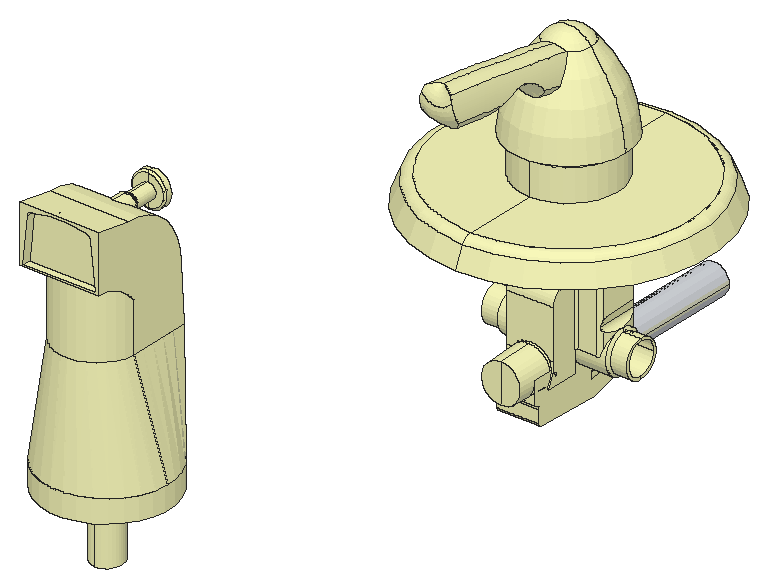
Revit family "9602-PLR", category Plumbing Fixtures, host Face, Revit 2019
Family settings
  Host = Face
  Round Connector Dimension = Use Diameter
  Part Type = Normal
  OmniClass Number = 23.65.70.11.11
  OmniClass Title = Fixtures for Liquids
  Cut with Voids When Loaded = No
  Shared = No
  Room Calculation Point = No
Parameters (values of type "2.0 GPM Flow Restrictor, Satin Nickel")
  z Wide Lever [instance] = 0
  z Visibility [instance] = yes
  z Type Model [instance] = 0
  z Type GPM = 0
  z Type Finish [instance] = 0
  z Type [instance] = 0
  z Slip On Tub [instance] = 0
  z Reverse Core [instance] = 0
  z Pipe Radius [instance] = 0.000"
  z Overall Height [instance] = 0.000"
  z Overall Depth [instance] = 0.000"
  z Offset [instance] = 0.000"
  z Integral Service Stops [instance] = 0
  z Has Wide Lever Handle [instance] = yes
  z Has Volume Control [instance] = yes
  z Has Trim = no
  z Has Slip On Tub Spout [instance] = yes
  z Has Showerhead [instance] = yes
  z Has Reverse Core [instance] = yes
  z Has Rebuild Kit Trim Only = no
  z Has Integral Service Stops [instance] = yes
  z Has Check Stops [instance] = yes
  z Has 2.0 GPM Flow Restrictor [instance] = yes
  z Has 1.5 GPM Flow Restrictor [instance] = yes
  z Has .5 Inch Female Connections = yes
  z GPM Number = 0
  z GPM GPM = 0.000 GPM
  z Flow Rate [instance] = 0
  z Error Box Width [instance] = 0.000"
  z Error Box Height [instance] = 0.000"
  z Error Box Depth [instance] = 0.000"
  z .5 Inch Female Connections [instance] = 0
  z  Showerhead [instance] = 0
  Waste Connection = no
  Vent Connection = no
  URL = ""
  Product Material = Nickel - Symmons - Satin
  Model Number = "L2"  # constant formula
  Model = ""
  Manufacturer = ""
  HW Connection = no
  Gallons Per Minute = 2.000 GPM
  Description = ""
  Default Elevation = 0.000"
  Date Modified = ""
  Date Created = ""
  CW Connection = no
Types (8): name | Product Material | Gallons Per Minute
  1.2 GPM Flow Restrictor, Chrome | Chrome - Symmons - Polished | 1.200 GPM
  1.2 GPM Flow Restrictor, Satin Nickel | Nickel - Symmons - Satin | 1.200 GPM
  1.5 GPM Flow Restrictor, Satin Nickel | Nickel - Symmons - Satin | 1.500 GPM
  1.75 GPM Flow Restrictor, Satin Nickel | Nickel - Symmons - Satin | 1.750 GPM
  2.0 GPM Flow Restrictor, Satin Nickel | Nickel - Symmons - Satin | 2.000 GPM
  1.5 GPM Flow Restrictor, Chrome | Chrome - Symmons - Polished | 1.500 GPM
  1.75 GPM Flow Restrictor, Chrome | Chrome - Symmons - Polished | 1.750 GPM
  2.0 GPM Flow Restrictor, Chrome | Chrome - Symmons - Polished | 2.000 GPM
Reference planes (in)
  plane 1 "Center (Front/Back)": y = 0
  plane 2 "Center (Elevation)": z = 0
  plane 3 "Center (Left/Right)": x = 0
  plane 4: x = -3.75
  plane 5: y = 28.5
  plane 6: x = 3.75
  plane 7: z = 0
  plane 8: z = 9.325
  plane 9: y = -12
  plane 10: y = 45
  plane 11: z = 0
Forms (in)
  Extrusion 1, void
    sketch origin (1.5, 3.69013, -2.3792) x (0, 1, 0) y (0, 0, 1)
      loop
        circle (0, 0.0065) r 0.32942
    from -0.00649 to -3.00649
Dimensions and locks (in)
  equal spacing: plane 4, plane 3 "Center (Left/Right)", plane 6
  plane 4 to plane 6 = 7.500"
  plane 5 to plane 1 "Center (Front/Back)" = 28.500"
  plane 7 to plane 2 "Center (Elevation)" = 0.000"
  plane 8 to plane 7 = 9.325"
  locked: plane 1 "Center (Front/Back)" to plane 9 at 12
  locked: plane 10 to plane 1 "Center (Front/Back)" at 45
  plane 11 to plane 7 = 0.000"
  plane 10 to plane 9 = 57.000"
  aligned and locked: plane 2 "Center (Elevation)" to host face
  aligned and locked: level to host face
Automatic sketch dimensions
  host sketch curve to host sketch curve = 6.49225"
  host sketch curve to host sketch curve = 18.67474"
  Extrusion 1 sketch curve to Extrusion 1 sketch curve = 0.000"  (x2)
  Extrusion 1 sketch curve to plane 1 "Center (Front/Back)" = 3.69013"
  Extrusion 1 sketch curve to level = 2.3727"
  Extrusion 1 sketch curve to Extrusion 1 sketch curve = 0.32942"
Nested families (in)
  nested 1: "M Valve&diverter" at (-0.00649, 3.69117, 0), type "Satin Nickel"
    with zz Length 9 4.000", zz Length 10 0.100", Part Number "3500-CYL-B", Part Description "Shower Valve System with Symmons Temptrol mixing valve,Chrome", Equipment Number ""
  nested 2: "faucet" at (0, -8.26, 0), type "Satin Nickel"
    with zz Length 9 0.000", zz Length 10 0.100", Part Number "", Part Description "Shower Valve System with Symmons Temptrol mixing valve,Chrome", Equipment Number ""
Connectors (in)
  piping at (1.49351, 3.69013, -2.3727), diameter 0.5
    settings: on Extrusion 1, index 1, connector inside diameter 24", connector length 0.000", flow factor 0, pipe flow 0.000 GPM, pressure drop 0.00 psi, fitting loss kfactor 0, connector angle 0.000°, fixture units 0, engagement length 0.000", angle of deflection 0.000°, flow configuration 0, flow direction 0, fitting loss method 0, system type 19, joint type 0, gender type 0, connector reference index -1, connector utility 0, adjustable connector no, is connector primary yes, connector description "Hot Water Supply"
  piping at (-0.06456, 7.44117, -3.0625), diameter 0.6
    settings: on nested 1, index 2, connector inside diameter 24", connector length 0.000", flow factor 0, pipe flow 0.000 GPM, pressure drop 0.00 psi, fitting loss kfactor 0, connector angle 0.000°, fixture units 0, engagement length 0.000", angle of deflection 0.000°, flow configuration 0, flow direction 0, fitting loss method 0, system type 29, joint type 0, gender type 0, connector reference index -1, connector utility 0, adjustable connector no, is connector primary no, connector description "Shower Head Supply"
  piping at (0, -8.26, -1.36414), diameter 0.5
    settings: on nested 2, index 4, connector inside diameter 24", connector length 0.000", flow factor 0, pipe flow 0.000 GPM, pressure drop 0.00 psi, fitting loss kfactor 0, connector angle 0.000°, fixture units 0, engagement length 0.000", angle of deflection 0.000°, flow configuration 0, flow direction 0, fitting loss method 0, system type 29, joint type 0, gender type 0, connector reference index -1, connector utility 0, adjustable connector no, is connector primary no, connector description "Faucet Supply"
  piping at (-0.00649, 1.93917, -2.59375), diameter 0.5
    settings: on nested 1, index 5, connector inside diameter 24", connector length 0.000", flow factor 0, pipe flow 0.000 GPM, pressure drop 0.00 psi, fitting loss kfactor 0, connector angle 0.000°, fixture units 0, engagement length 0.000", angle of deflection 0.000°, flow configuration 0, flow direction 0, fitting loss method 0, system type 29, joint type 0, gender type 0, connector reference index -1, connector utility 0, adjustable connector no, is connector primary no, connector description "Faucet Supply"
  piping at (-1.50649, 3.69013, -2.3727), diameter 0.5
    settings: on Extrusion 1, index 6, connector inside diameter 24", connector length 0.000", flow factor 0, pipe flow 0.000 GPM, pressure drop 0.00 psi, fitting loss kfactor 0, connector angle 0.000°, fixture units 0, engagement length 0.000", angle of deflection 0.000°, flow configuration 0, flow direction 0, fitting loss method 0, system type 20, joint type 0, gender type 0, connector reference index -1, connector utility 0, adjustable connector no, is connector primary no, connector description "Cold Water Supply"
Definition of nested family "M Valve&diverter"
  Parameters (values of type "Chrome")
    zz Text 2 = "None Selected"
    zz Text 1 = "None Selected"
    zz Length 9 [instance] = 4.000"  # constant formula
    zz Length 10 [instance] = 0.100"
    URL = ""
    Product Page URL = ""
    Product Material = none
    Product Documentation Link = ""
    Part Number [instance] = ""
    Part Description [instance] = ""
    Model Disclaimer = ""
    Model = ""
    Manufacturer = ""
    Family Version = ""
    Equipment Number [instance] = ""
    Equipment Abbreviation = ""
    Description = ""
    Default Elevation = 0.000"  # constant formula
    Date Modified = ""
    Date Created = ""
    Copyright = ""
  Types (2): name | URL | Product Page URL | Product Documentation Link | Part Number | Part Description | Model Disclaimer | Model | Manufacturer | Family Version | Equipment Abbreviation | Description | Date Modified | Date Created | Copyright
    Chrome | "" | "" | "" | "" | "" | "" | "" | "" | "" | "" | "" | "" | "" | ""
    Satin Nickel | "http://www.symmons.com/" | "http://www.symmons.com/Bathroom-Products/Dia/Symmons-Dia-Shower-Valve-3500-CYL-B.aspx" | "http://www.symmons.com/~/media/Files/Symmons/Products/Dia/3500CYL_Dia_sub.pdf" | "3500-CYL-B" | "Shower Valve System with Symmons Temptrol mixing valve,Chrome" | "Contact Symmons Industries, Inc. For More Information" | "3500-CYL-B" | "Symmons Industries, Inc." | "1.0" | "SVS" | "Shower Valve System with Symmons Temptrol mixing valve,Chrome" | "January 30, 2015" | "January 30, 2015" | "©2015 Symmons Industries, Inc."
  Reference planes (in)
    plane 1 "Center (Front/Back)": y = 0
    plane 2 "Center (Elevation)": z = 0
    plane 3 "Center (Left/Right)": x = 0
    plane 4: x = -16
    plane 5: y = 3.75
    plane 6: y = -3.75
    plane 7: x = 16
    plane 8: z = 0
    plane 9: x = 3.25
    plane 10: x = -3.25
    plane 11: y = -5.75
  Forms (in)
    Extrusion 1, solid, material <- "Product Material"
      sketch origin (0, 0, 0) x (1, 0, 0) y (0, 1, 0)
        loop
          line (-3.25, 3.75) -> (-3.25, -3.75) -> (3.25, -3.75) -> (3.25, 3.75) -> (-3.25, 3.75)
      from 0 to -0.49403
    Revolve 2, solid, material <- "Product Material"
      sketch origin (0, 0, 0) x (0, 1, 0) y (0, 0, 1)
        loop
          arc (0.78273, -0.21014) -> (0.79592, -0.17085) -> (0.83013, -0.14747) r 0.06513
          arc (0.83013, -0.14747) -> (0.84009, -0.12344) -> (0.84348, -0.09765) r 0.09964
          line (0.84348, -0.09765) -> (0.84348, 0) -> (0, 0) -> (0, -2.3428) -> (0.57152, -2.3428) -> (0.57152, -1.79847)
          arc (0.57152, -1.79847) -> (0.58367, -1.75995) -> (0.61571, -1.73536) r 0.06717
          arc (0.61571, -1.73536) -> (0.64467, -1.71314) -> (0.65565, -1.67832) r 0.06069
          line (0.65565, -1.67832) -> (0.65565, -1.20182)
          arc (0.65565, -1.20182) -> (0.6595, -1.17998) -> (0.67059, -1.16078) r 0.06385
          arc (0.67059, -1.16078) -> (0.68279, -1.13963) -> (0.68703, -1.11559) r 0.07029
          line (0.68703, -1.11559) -> (0.68703, -0.86559)
          arc (0.68703, -0.86559) -> (0.70132, -0.82632) -> (0.72818, -0.79431) r 0.12032
          arc (0.72818, -0.79431) -> (0.74375, -0.77402) -> (0.74929, -0.74906) r 0.05908
          line (0.74929, -0.74906) -> (0.74929, -0.5749)
          arc (0.74929, -0.5749) -> (0.7572, -0.52575) -> (0.78273, -0.48301) r 0.13217
          line (0.78273, -0.48301) -> (0.78273, -0.21014)
        axis (0, 0) -> (0, -2.3428)
      angle from 0 to 360
    Extrusion 3, solid, material <- "Product Material"
      sketch origin (0, 0, 0) x (1, 0, 0) y (0, 1, 0)
        loop
          line (0.48392, 0.42426) -> (0.48392, -0.48198)
          arc (0.48392, -0.48198) -> (0.50866, -0.44973) -> (0.54744, -0.4375) r 0.0676
          line (0.54744, -0.4375) -> (0.91492, -0.4375)
          arc (0.91492, -0.4375) -> (0.98057, -0.42784) -> (1.02672, -0.38015) r 0.10307
          arc (1.02672, -0.38015) -> (1.112, 0) -> (1.02672, 0.38015) r 0.88995
          arc (1.02672, 0.38015) -> (0.97002, 0.41289) -> (0.90554, 0.42426) r 0.18853
          line (0.90554, 0.42426) -> (0.48392, 0.42426)
      from -2.3428 to -0.48301
    Extrusion 4, void
      sketch origin (0, 0, 0) x (1, 0, 0) y (0, 0, 1)
        loop
          arc (1.12128, -0.64291) -> (1.05254, -0.69934) -> (1.02672, -0.78444) r 0.15319
          line (1.02672, -0.78444) -> (1.02672, -1.625) -> (1.00118, -1.76989)
          arc (1.00118, -1.76989) -> (1.0257, -1.88053) -> (1.12128, -1.94142) r 0.14807
          line (1.12128, -1.94142) -> (1.12128, -0.64291)
      from -0.53605 to 0.48198
    Extrusion 5, solid, material <- "Product Material"
      sketch origin (0, 0, 0) x (0, 1, 0) y (0, 0, 1)
        loop
          line (-0.45569, -0.88434) -> (-0.80233, -1.04779)
          arc (-0.80233, -1.04779) -> (-0.93476, -1.17702) -> (-0.98338, -1.35555) r 0.35209
          line (-0.98338, -1.35555) -> (-0.98338, -2.36089)
          arc (-0.98338, -2.36089) -> (-1.01729, -2.59628) -> (-1.11624, -2.81253) r 0.83411
          line (-1.11624, -2.81253) -> (-0.45569, -2.81253) -> (-0.45569, -0.88434)
      from -0.48892 to 0.48392
    Revolve 6, solid, material <- "Product Material"
      sketch origin (0, 0, 0) x (1, 0, 0) y (0, 0, 1)
        loop
          line (-1.5, -2.375) -> (0, -2.375) -> (0, -1.93862) -> (-1.11556, -1.93862) -> (-1.15085, -1.99974) -> (-1.5, -1.99974) -> (-1.5, -2.375)
        axis (-1.5, -2.375) -> (0, -2.375)
      angle from 0 to 360
    Revolve 7, solid, material <- "Product Material"
      sketch origin (0, 0, 0) x (-1, 0, 0) y (0, 0, 1)
        loop
          line (-1.5, -2.375) -> (0, -2.375) -> (0, -1.93862) -> (-1.11556, -1.93862) -> (-1.15085, -1.99974) -> (-1.5, -1.99974) -> (-1.5, -2.375)
        axis (-1.5, -2.375) -> (0, -2.375)
      angle from 0 to 360
    Revolve 8, solid, material <- "Product Material"
      sketch origin (0, 0, 0) x (0, 1, 0) y (0, 0, 1)
        loop
          line (-1.752, -2.59375) -> (-0.9385, -2.59375) -> (-0.92928, -2.10687) -> (-0.9625, -2.10687)
          arc (-0.9625, -2.10687) -> (-0.98073, -2.15089) -> (-1.02475, -2.16912) r 0.06225
          line (-1.02475, -2.16912) -> (-1.752, -2.19419) -> (-1.752, -2.59375)
        axis (-1.752, -2.59375) -> (-0.92928, -2.59375)
      angle from 0 to 360
    Extrusion 9, solid, material <- "Product Material"
      sketch origin (0, 0, 0) x (0, 1, 0) y (0, 0, 1)
        loop
          arc (-1.42289, -3.00473) -> (-1.34077, -3.03875) -> (-1.30675, -3.12087) r 0.11615
          line (-1.30675, -3.12087) -> (-1.30675, -3.38372)
          arc (-1.30675, -3.38372) -> (-1.28934, -3.42574) -> (-1.24732, -3.44315) r 0.05943
          line (-1.24732, -3.44315) -> (0, -3.5)
          arc (0, -3.5) -> (0.14006, -3.49083) -> (0.27481, -3.45154) r 0.64421
          arc (0.27481, -3.45154) -> (0.43086, -3.39856) -> (0.5925, -3.36642) r 1.25845
          line (0.5925, -3.36642) -> (0.5925, -2.61642)
          arc (0.5925, -2.61642) -> (0.48406, -2.62305) -> (0.41944, -2.53572) r 0.11385
          line (0.41944, -2.53572) -> (-1.42289, -2.53572) -> (-1.42289, -3.00473)
      from -0.435 to 0.435
    Revolve 10, solid, material <- "Product Material"
      sketch origin (0, 0, 0) x (0, 1, 0) y (0, 0, 1)
        loop
          line (3.75, -2.7503) -> (1.30968, -2.7503) -> (1.30968, -2.68666) -> (1.28596, -2.66294) -> (0.03673, -2.61932) -> (0.02125, -3.0625) -> (3.75, -3.0625) -> (3.75, -2.7503)
        axis (3.75, -3.0625) -> (0.02125, -3.0625)
      angle from 0 to 360
    Extrusion 11, void
      sketch origin (0, 0, 0) x (0, 1, 0) y (0, 0, 1)
        loop
          circle (0, -2.3685) r 0.32942
      from 1.02672 to 1.55897
    Extrusion 12, void
      sketch origin (0, 0, 0) x (0, 1, 0) y (0, 0, 1)
        loop
          circle (0, -2.3685) r 0.31609
      from -1.52114 to -1.11556
    Extrusion 13, void
      sketch origin (0, 0, 0) x (1, 0, 0) y (0, 0, 1)
        loop
          circle (0, -3.0625) r 0.29035
      from -3.97508 to -1.47369
    Extrusion 14, solid, material <- "Product Material"
      sketch origin (0, 0, 0) x (1, 0, 0) y (0, 1, 0)
        loop
          arc (1.08564, 0.21875) -> (1.02508, 0.24383) -> (1, 0.30439) r 0.08564
          line (1, 0.30439) -> (1, -0.30345)
          arc (1, -0.30345) -> (1.02481, -0.24356) -> (1.0847, -0.21875) r 0.0847
          line (1.0847, -0.21875) -> (1.43326, -0.21875)
          arc (1.43326, -0.21875) -> (1.47484, -0.20186) -> (1.5, -0.16471) r 0.07721
          line (1.5, -0.16471) -> (1.5, 0.15076)
          arc (1.5, 0.15076) -> (1.48008, 0.19883) -> (1.43201, 0.21875) r 0.06799
          line (1.43201, 0.21875) -> (1.08564, 0.21875)
      from -0.65249 to -0.48301
    Extrusion 15, solid, material <- "Product Material"
      sketch origin (0, 0, 0) x (-1, 0, 0) y (0, -1, 0)
        loop
          line (1.08564, -0.21875) -> (1.43201, -0.21875)
          arc (1.43201, -0.21875) -> (1.48008, -0.19883) -> (1.5, -0.15076) r 0.06799
          line (1.5, -0.15076) -> (1.5, 0.16471)
          arc (1.5, 0.16471) -> (1.47484, 0.20186) -> (1.43326, 0.21875) r 0.07721
          line (1.43326, 0.21875) -> (1.0847, 0.21875)
          arc (1.0847, 0.21875) -> (1.02481, 0.24356) -> (1, 0.30345) r 0.0847
          line (1, 0.30345) -> (1, -0.30439)
          arc (1, -0.30439) -> (1.02508, -0.24383) -> (1.08564, -0.21875) r 0.08564
      from -0.65249 to -0.48301
    Extrusion 16, solid, material <- "Product Material", not visible
      sketch origin (1.5, 0, -2.375) x (0, 1, 0) y (0, 0, 1)
        loop
          circle (0, 0) r 0.4
      from -2.74731 to 0
    Extrusion 17, solid
      sketch origin (0, 0, 0) x (1, 0, 0) y (0, 0, 1)
        loop
          circle (0, -3.0625) r 0.3122
      from -3.75 to -1.30968
  Cuts and joins
    Extrusion 4, Extrusion 11, Extrusion 12 cuts Extrusion 3
    Extrusion 11, Extrusion 12 cuts Revolve 2
    Extrusion 11, Extrusion 12, Extrusion 13 cuts Revolve 6
    Extrusion 11, Extrusion 12, Extrusion 13 cuts Revolve 7
    Extrusion 11, Extrusion 12, Extrusion 13 cuts Extrusion 9
    Extrusion 11, Extrusion 12, Extrusion 13 cuts Revolve 10
    Extrusion 13 cuts Revolve 8
  Dimensions and locks (in)
    equal spacing: plane 4, plane 3 "Center (Left/Right)", plane 7, locked at 16 each
    plane 4 to plane 7 = 32.000"
    equal spacing: plane 5, plane 1 "Center (Front/Back)", plane 6
    locked: plane 5 to plane 6 at 7.5
    equal spacing: plane 10, plane 3 "Center (Left/Right)", plane 9
    locked: plane 10 to plane 9 at 6.5
    locked: plane 6 to plane 11 at 2
    aligned and locked: plane 2 "Center (Elevation)" to Extrusion 1
    aligned and locked: level to Extrusion 1
  Automatic sketch dimensions
    Extrusion 1 sketch curve to Extrusion 1 sketch curve = 6.500"
    Extrusion 1 sketch curve to Extrusion 1 sketch curve = 7.500"
    Revolve 2 sketch curve to plane 1 "Center (Front/Back)" = 0.000"  (x2)
    Revolve 2 sketch curve to level = 0.000"  (x2)
    Revolve 2 sketch curve to plane 1 "Center (Front/Back)" = 0.57152"
    Revolve 2 sketch curve to Revolve 2 sketch curve = 0.02344"
    Revolve 2 sketch curve to Revolve 2 sketch curve = 0.02178"
    Revolve 2 sketch curve to Revolve 2 sketch curve = 0.06717"
    Revolve 2 sketch curve to Revolve 2 sketch curve = 0.03891"
    Revolve 2 sketch curve to Revolve 2 sketch curve = 0.07029"
    Revolve 2 sketch curve to Revolve 2 sketch curve = 0.00318"
    Revolve 2 sketch curve to Revolve 2 sketch curve = 0.06385"
    Revolve 2 sketch curve to level = 0.09765"
    Revolve 2 sketch curve to Revolve 2 sketch curve = 0.05364"
    Revolve 2 sketch curve to Revolve 2 sketch curve = 0.05908"
    Revolve 2 sketch curve to Revolve 2 sketch curve = 0.03345"
    Revolve 2 sketch curve to Revolve 2 sketch curve = 0.11849"
    Revolve 2 sketch curve to Revolve 2 sketch curve = 0.09964"
    Revolve 2 sketch curve to Revolve 2 sketch curve = 0.06513"
    Revolve 2 sketch curve to Revolve 2 sketch curve = 0.09866"
    Revolve 2 sketch curve to Revolve 2 sketch curve = 0.11248"
    Revolve 2 sketch curve to Revolve 2 sketch curve = 0.27287"
    Revolve 2 sketch curve to Revolve 2 sketch curve = 0.08794"
    Revolve 2 sketch curve to Revolve 2 sketch curve = 0.17415"
    Revolve 2 sketch curve to Revolve 2 sketch curve = 0.11653"
    Revolve 2 sketch curve to Revolve 2 sketch curve = 0.02089"
    Revolve 2 sketch curve to Revolve 2 sketch curve = 0.250"
    Revolve 2 sketch curve to Revolve 2 sketch curve = 0.08623"
    Revolve 2 sketch curve to Revolve 2 sketch curve = 0.47651"
    Revolve 2 sketch curve to Revolve 2 sketch curve = 0.12015"
    Revolve 2 sketch curve to Revolve 2 sketch curve = 0.54433"
    Revolve 2 sketch curve to Revolve 2 sketch curve = 1.54875"
    plane 1 "Center (Front/Back)" to Extrusion 3 sketch curve = 0.000"
    plane 3 "Center (Left/Right)" to Extrusion 3 sketch curve = 0.22205"
    plane 3 "Center (Left/Right)" to Extrusion 3 sketch curve = 0.48392"
    Extrusion 3 sketch curve to Extrusion 3 sketch curve = 0.06352"
    Extrusion 3 sketch curve to Extrusion 3 sketch curve = 0.42162"
    Extrusion 3 sketch curve to Extrusion 3 sketch curve = 0.36748"
    Extrusion 3 sketch curve to Extrusion 3 sketch curve = 0.01862"
    plane 1 "Center (Front/Back)" to Extrusion 3 sketch curve = 0.33613"
    Extrusion 3 sketch curve to Extrusion 3 sketch curve = 0.10137"
    Extrusion 3 sketch curve to Extrusion 3 sketch curve = 0.04448"
    Extrusion 3 sketch curve to plane 1 "Center (Front/Back)" = 0.23573"
    Extrusion 3 sketch curve to Extrusion 3 sketch curve = 0.18853"
    Extrusion 3 sketch curve to Extrusion 3 sketch curve = 0.12119"
    plane 3 "Center (Left/Right)" to Extrusion 4 sketch curve = 1.00118"
    Extrusion 4 sketch curve to Extrusion 4 sketch curve = 0.02555"
    Extrusion 4 sketch curve to Extrusion 4 sketch curve = 0.12011"
    Extrusion 4 sketch curve to Extrusion 4 sketch curve = 0.14582"  (x2)
    Extrusion 4 sketch curve to Extrusion 4 sketch curve = 0.15319"
    Extrusion 4 sketch curve to level = 1.94142"
    Extrusion 4 sketch curve to Extrusion 4 sketch curve = 0.14489"
    Extrusion 4 sketch curve to level = 0.78444"
    plane 1 "Center (Front/Back)" to Extrusion 5 sketch curve = 1.8175"
    Extrusion 5 sketch curve to Extrusion 5 sketch curve = 0.70126"
    plane 1 "Center (Front/Back)" to Extrusion 5 sketch curve = 0.98338"
    Extrusion 5 sketch curve to Extrusion 5 sketch curve = 0.18106"
    Extrusion 5 sketch curve to Extrusion 5 sketch curve = 0.17103"
    Extrusion 5 sketch curve to Extrusion 5 sketch curve = 0.34663"
    Extrusion 5 sketch curve to level = 2.81253"
    Extrusion 5 sketch curve to Extrusion 5 sketch curve = 1.00534"
    Extrusion 5 sketch curve to Extrusion 5 sketch curve = 0.16345"
    Revolve 6 sketch curve to plane 3 "Center (Left/Right)" = 0.000"  (x2)
    Revolve 6 sketch curve to plane 3 "Center (Left/Right)" = 1.11556"
    Revolve 6 sketch curve to Revolve 6 sketch curve = 0.03529"
    Revolve 6 sketch curve to Revolve 6 sketch curve = 0.34915"
    Revolve 6 sketch curve to level = 2.375"
    Revolve 6 sketch curve to Revolve 6 sketch curve = 0.37526"
    Revolve 6 sketch curve to Revolve 6 sketch curve = 0.43638"
    Revolve 6 sketch curve to Revolve 6 sketch curve = 0.000"  (x2)
    Revolve 7 sketch curve to plane 3 "Center (Left/Right)" = 0.000"  (x2)
    Revolve 7 sketch curve to Revolve 7 sketch curve = 1.11556"
    Revolve 7 sketch curve to Revolve 7 sketch curve = 0.03529"
    Revolve 7 sketch curve to Revolve 7 sketch curve = 0.34915"
    level to Revolve 7 sketch curve = 2.375"
    Revolve 7 sketch curve to Revolve 7 sketch curve = 0.37526"
    Revolve 7 sketch curve to Revolve 7 sketch curve = 0.43638"
    Revolve 7 sketch curve to Revolve 7 sketch curve = 0.000"  (x2)
    Revolve 8 sketch curve to plane 1 "Center (Front/Back)" = 0.000"
    plane 1 "Center (Front/Back)" to Revolve 8 sketch curve = 0.92928"
    Revolve 8 sketch curve to Revolve 8 sketch curve = 0.00922"
    Revolve 8 sketch curve to Revolve 8 sketch curve = 0.03322"
    Revolve 8 sketch curve to Revolve 8 sketch curve = 0.06225"
    Revolve 8 sketch curve to Revolve 8 sketch curve = 0.72725"
    Revolve 8 sketch curve to level = 2.59375"
    Revolve 8 sketch curve to Revolve 8 sketch curve = 0.39956"
    Revolve 8 sketch curve to Revolve 8 sketch curve = 0.42463"
    Revolve 8 sketch curve to Revolve 8 sketch curve = 0.000"  (x2)
    Extrusion 9 sketch curve to plane 1 "Center (Front/Back)" = 0.000"
    plane 1 "Center (Front/Back)" to Extrusion 9 sketch curve = 1.24732"
    Extrusion 9 sketch curve to Extrusion 9 sketch curve = 0.05943"
    Extrusion 9 sketch curve to Extrusion 9 sketch curve = 0.11615"
    Extrusion 9 sketch curve to plane 1 "Center (Front/Back)" = 0.0282"
    Extrusion 9 sketch curve to plane 1 "Center (Front/Back)" = 0.41944"
    Extrusion 9 sketch curve to Extrusion 9 sketch curve = 0.11274"
    Extrusion 9 sketch curve to plane 1 "Center (Front/Back)" = 0.5925"
    Extrusion 9 sketch curve to plane 1 "Center (Front/Back)" = 0.75657"
    Extrusion 9 sketch curve to level = 4.61413"
    Extrusion 9 sketch curve to Extrusion 9 sketch curve = 1.11413"
    Extrusion 9 sketch curve to Extrusion 9 sketch curve = 0.05685"
    Extrusion 9 sketch curve to Extrusion 9 sketch curve = 0.13358"
    Extrusion 9 sketch curve to Extrusion 9 sketch curve = 0.26285"
    Extrusion 9 sketch curve to Extrusion 9 sketch curve = 0.6436"
    Extrusion 9 sketch curve to Extrusion 9 sketch curve = 0.23998"
    Extrusion 9 sketch curve to Extrusion 9 sketch curve = 0.0807"
    Revolve 10 sketch curve to plane 1 "Center (Front/Back)" = 0.000"
    Revolve 10 sketch curve to plane 5 = 0.000"  (x2)
    Revolve 10 sketch curve to plane 1 "Center (Front/Back)" = 0.02125"
    Revolve 10 sketch curve to plane 1 "Center (Front/Back)" = 0.03673"
    Revolve 10 sketch curve to Revolve 10 sketch curve = 1.24924"
    Revolve 10 sketch curve to Revolve 10 sketch curve = 0.02372"  (x2)
    Revolve 10 sketch curve to level = 3.0625"
    Revolve 10 sketch curve to Revolve 10 sketch curve = 0.3122"
    Revolve 10 sketch curve to Revolve 10 sketch curve = 0.06364"
    Revolve 10 sketch curve to Revolve 10 sketch curve = 0.000"
    Extrusion 11 sketch curve to plane 1 "Center (Front/Back)" = 0.000"
    Extrusion 11 sketch curve to level = 2.3685"
    Extrusion 12 sketch curve to plane 1 "Center (Front/Back)" = 0.000"
    Extrusion 12 sketch curve to level = 2.3685"
    Extrusion 13 sketch curve to plane 3 "Center (Left/Right)" = 0.000"
    Extrusion 13 sketch curve to level = 3.0625"
    plane 1 "Center (Front/Back)" to Extrusion 14 sketch curve = 0.30345"
    plane 3 "Center (Left/Right)" to Extrusion 14 sketch curve = 1.000"
    Extrusion 14 sketch curve to Extrusion 14 sketch curve = 0.0847"
    Extrusion 14 sketch curve to Extrusion 14 sketch curve = 0.08564"  (x2)
    Extrusion 14 sketch curve to Extrusion 14 sketch curve = 0.34155"
    Extrusion 14 sketch curve to plane 1 "Center (Front/Back)" = 0.21875"
    Extrusion 14 sketch curve to Extrusion 14 sketch curve = 0.34637"
    Extrusion 14 sketch curve to Extrusion 14 sketch curve = 0.00702"
    Extrusion 14 sketch curve to Extrusion 14 sketch curve = 0.07375"
    Extrusion 14 sketch curve to Extrusion 14 sketch curve = 0.05404"
    Extrusion 14 sketch curve to Extrusion 14 sketch curve = 0.000"
    Extrusion 15 sketch curve to plane 1 "Center (Front/Back)" = 0.30345"
    plane 3 "Center (Left/Right)" to Extrusion 15 sketch curve = 1.000"
    Extrusion 15 sketch curve to Extrusion 15 sketch curve = 0.0847"
    Extrusion 15 sketch curve to Extrusion 15 sketch curve = 0.08564"  (x2)
    Extrusion 15 sketch curve to Extrusion 15 sketch curve = 0.34155"
    plane 1 "Center (Front/Back)" to Extrusion 15 sketch curve = 0.21875"
    Extrusion 15 sketch curve to Extrusion 15 sketch curve = 0.34637"
    Extrusion 15 sketch curve to Extrusion 15 sketch curve = 0.00702"
    Extrusion 15 sketch curve to Extrusion 15 sketch curve = 0.07375"
    Extrusion 15 sketch curve to Extrusion 15 sketch curve = 0.05404"
    Extrusion 15 sketch curve to Extrusion 15 sketch curve = 0.000"
    Extrusion 17 sketch curve to plane 3 "Center (Left/Right)" = 0.000"
    Extrusion 17 sketch curve to level = 3.0625"
    radius of Extrusion 11 sketch curve = 0.32942"
    radius of Extrusion 12 sketch curve = 0.31609"
    radius of Extrusion 13 sketch curve = 0.29035"
    radius of Revolve 7 to Extrusion 16 sketch curve = 0.02474"
    radius of Extrusion 17 sketch curve = 0.3122"
  Nested families (in)
    nested 1: "diverter" at (0, 0, 0), type "Chrome"
      with zz Length 9 0.000", zz Length 10 0.100", Part Number "3500-CYL-B", Part Description "Shower Valve System with Symmons Temptrol mixing valve,Chrome", Equipment Number ""
  Connectors (in)
    piping at (0, -1.752, -2.59375), diameter 0.5
      settings: on cut or joined group of Revolve 8, Extrusion 13, index 3, connector inside diameter 24", connector length 0.000", flow factor 0, pipe flow 0.000 GPM, pressure drop 0.00 psi, fitting loss kfactor 0, connector angle 0.000°, fixture units 0, engagement length 0.000", angle of deflection 0.000°, flow configuration 0, flow direction 0, fitting loss method 0, system type 7, joint type 0, gender type 0, connector reference index -1, connector utility 0, adjustable connector no, is connector primary yes, connector description "Tub Spout Supply"
    piping at (1.5, 0, -2.375), diameter 0.5
      settings: on Extrusion 16, index 4, connector inside diameter 24", connector length 0.000", flow factor 0, pipe flow 0.000 GPM, pressure drop 0.00 psi, fitting loss kfactor 0, connector angle 0.000°, fixture units 0, engagement length 0.000", angle of deflection 0.000°, flow configuration 0, flow direction 0, fitting loss method 0, system type 22, joint type 0, gender type 0, connector reference index -1, connector utility 0, adjustable connector no, is connector primary no, connector description "Cold Water Supply"
    piping at (-1.24731, 0, -2.375), diameter 0.5
      settings: on Extrusion 16, index 5, connector inside diameter 24", connector length 0.000", flow factor 0, pipe flow 0.000 GPM, pressure drop 0.00 psi, fitting loss kfactor 0, connector angle 0.000°, fixture units 0, engagement length 0.000", angle of deflection 0.000°, flow configuration 0, flow direction 0, fitting loss method 0, system type 19, joint type 0, gender type 0, connector reference index -1, connector utility 0, adjustable connector no, is connector primary no, connector description "Hot water supply"
    piping at (0, 3.75, -3.0625), diameter 0.5
      settings: on Extrusion 17, index 6, connector inside diameter 24", connector length 0.000", flow factor 0, pipe flow 0.000 GPM, pressure drop 0.00 psi, fitting loss kfactor 0, connector angle 0.000°, fixture units 0, engagement length 0.000", angle of deflection 0.000°, flow configuration 0, flow direction 0, fitting loss method 0, system type 7, joint type 0, gender type 0, connector reference index -1, connector utility 0, adjustable connector no, is connector primary no, connector description ""
  Definition of nested family "diverter"
    Parameters (values of type "Satin Nickel")
      zz Text 2 = "None Selected"
      zz Text 1 = "None Selected"
      zz Length 9 [instance] = 0.000"  # constant formula
      zz Length 10 [instance] = 0.000"
      Waste Connection = no
      Vent Connection = no
      URL = ""
      Product Page URL = ""
      Product Material = none
      Product Documentation Link = ""
      Part Number [instance] = ""
      Part Description [instance] = ""
      Model Disclaimer = ""
      Model = ""
      Manufacturer = ""
      HW Connection = no
      Family Version = ""
      Equipment Number [instance] = ""
      Equipment Abbreviation = ""
      Description = ""
      Default Elevation = 0.000"  # constant formula
      Date Modified = ""
      Date Created = ""
      Copyright = ""
      CW Connection = no
    Types (2): name
      Polished Chrome
      Satin Nickel
    Reference planes (in)
      plane 1 "Center (Front/Back)": y = 0
      plane 2 "Center (Elevation)": z = 0
      plane 3 "Center (Left/Right)": x = 0
    Forms (in)
      Extrusion 1, solid, material <- "Product Material", not visible
        sketch origin (0, 0, 0) x (1, 0, 0) y (0, 1, 0)
          loop
            line (-3.25, 3.75) -> (-3.25, -3.75) -> (3.25, -3.75) -> (3.25, 3.75) -> (-3.25, 3.75)
        from 0 to -0.49403
      Revolve 2, solid, material <- "Product Material"
        sketch origin (0, 0, 0) x (1, 0, 0) y (0, 0, 1)
          loop
            line (0, 1.32575) -> (0, 3.29294)
            arc (0, 3.29294) -> (-0.26223, 3.22792) -> (-0.46371, 3.04793) r 0.56132
            arc (-0.46371, 3.04793) -> (-0.97637, 2.2511) -> (-1.18004, 1.32575) r 2.68262
            line (-1.18004, 1.32575) -> (0, 1.32575)
          axis (0, 1.32575) -> (0, 3.29294)
        angle from 0 to 360
      Sweep 3, solid, material <- "Product Material"
        path origin (0, 0, 0) x (0, 1, 0) y (0, 0, 1)
          loop
            spline (-3.46104, 3.64859) -> (-2.7314, 3.54557) -> (-2.31762, 3.48227) -> (-2.05814, 3.43692) -> (-1.8128, 3.39104) -> (-1.56301, 3.34459) -> (-1.33191, 3.3037) -> (-1.12101, 3.26778) -> (-0.91375, 3.23067) -> (-0.69389, 3.18625) -> (-0.44827, 3.12911) -> (-0.15184, 3.03897) -> (0.27347, 2.83202)
        profile origin (0, -1.33191, 3.3037) x (0, 0.168931, 0.985628) y (1, 0, 0)
          loop
            arc (-0.82742, 0) -> (-0.75571, -0.21852) -> (-0.58525, -0.37291) r 0.44918
            arc (-0.58525, -0.37291) -> (-0.32566, -0.3437) -> (-0.07626, -0.26597) r 1.3764
            arc (-0.07626, -0.26597) -> (-0.01085, -0.14081) -> (0, 0) r 0.35132
            arc (0, 0) -> (-0.01085, 0.14081) -> (-0.07626, 0.26597) r 0.35132
            arc (-0.07626, 0.26597) -> (-0.32566, 0.3437) -> (-0.58525, 0.37291) r 1.3764
            arc (-0.58525, 0.37291) -> (-0.75571, 0.21852) -> (-0.82742, 0) r 0.44918
      Revolve 4, void
        sketch origin (0, 0, 0) x (0, 1, 0) y (0, 0, 1)
          loop
            arc (-0.95581, 2.28645) -> (-0.96929, 2.34342) -> (-0.98932, 2.39844) r 0.50162
            arc (-0.98932, 2.39844) -> (-1.40662, 2.81321) -> (-1.99486, 2.82526) r 0.79126
            line (-1.99486, 2.82526) -> (-2.55581, 2.71622)
            arc (-2.55581, 2.71622) -> (-2.71348, 2.71297) -> (-2.87024, 2.7302) r 1.21378
            arc (-2.87024, 2.7302) -> (-3.02083, 2.76634) -> (-3.16589, 2.82059) r 1.2673
            arc (-3.16589, 2.82059) -> (-3.37699, 3.01068) -> (-3.43607, 3.28854) r 0.45972
            arc (-3.43607, 3.28854) -> (-3.35265, 3.50817) -> (-3.1716, 3.6579) r 0.45972
            line (-3.1716, 3.6579) -> (-3.86299, 3.76709) -> (-4.02039, 2.77044) -> (-0.95581, 2.28645)
          axis (-0.79841, 3.2831) -> (-3.86299, 3.76709)
        angle from -75.816 to 75.039
      Revolve 5, solid, material <- "Product Material"
        sketch origin (0, 0, 0) x (0, 1, 0) y (0, 0, 1)
          loop
            line (0, 2.22775) -> (-0.16651, 2.22775) -> (-0.20247, 2.19179) -> (-0.20247, 1.69179) -> (-0.2295, 1.66476) -> (-0.2295, 1.57075) -> (-0.33051, 1.57075) -> (-0.33051, 1.45083) -> (-0.37303, 1.40831) -> (-0.37303, 1.37325) -> (-0.40664, 1.37325) -> (-0.48106, 1.29883) -> (-0.50016, 1.26575) -> (-0.96713, 1.26575)
            arc (-0.96713, 1.26575) -> (-1.00171, 1.25143) -> (-1.01603, 1.21685) r 0.0489
            line (-1.01603, 1.21685) -> (-1.01603, 0.54853) -> (-2.52384, 0.54853)
            arc (-2.52384, 0.54853) -> (-2.64884, 0.51387) -> (-2.73813, 0.41977) r 0.2427
            line (-2.73813, 0.41977) -> (-2.90773, 0) -> (-2.75674, 0) -> (-2.59168, 0.40853) -> (0, 0.40853) -> (0, 2.22775)
          axis (0, 2.22775) -> (0, 0)
        angle from 0 to 360
    Cuts and joins
      Revolve 4 cuts Sweep 3
    Dimensions and locks (in)
      aligned and locked: plane 2 "Center (Elevation)" to Extrusion 1
      aligned and locked: level to Extrusion 1
Definition of nested family "faucet"
  Parameters (values of type "Satin Nickel")
    zz Text 2 = "None Selected"
    zz Text 1 = "None Selected"
    zz Length 9 [instance] = 0.000"  # constant formula
    zz Length 10 [instance] = 0.000"
    Waste Connection = no
    Vent Connection = no
    URL = ""
    Product Page URL = ""
    Product Material = none
    Product Documentation Link = ""
    Part Number [instance] = ""
    Part Description [instance] = ""
    Model Disclaimer = ""
    Model = ""
    Manufacturer = ""
    HW Connection = no
    Family Version = ""
    Equipment Number [instance] = ""
    Equipment Abbreviation = ""
    Description = ""
    Default Elevation = 0.000"  # constant formula
    Date Modified = ""
    Date Created = ""
    Copyright = ""
    CW Connection = no
  Types (2): name
    Satin Nickel
    Polished Chrome
  Reference planes (in)
    plane 1 "Center (Front/Back)": y = 0
    plane 2 "Center (Elevation)": z = 0
    plane 3 "Center (Left/Right)": x = 0
    plane 4: x = -16
    plane 5: y = 3.75
    plane 6: y = -3.75
    plane 7: x = 16
    plane 8: z = 0
    plane 9: x = 3.25
    plane 10: x = -3.25
    plane 11: y = -5.75
  Forms (in)
    Extrusion 1, solid, material <- "Product Material"
      sketch origin (0, 0, 0) x (1, 0, 0) y (0, 1, 0)
        loop
          line (-3.25, 3.75) -> (-3.25, -3.75) -> (3.25, -3.75) -> (3.25, 3.75) -> (-3.25, 3.75)
      from 0 to -0.106
    SweptBlend 2, solid, material <- "Product Material"
      path origin (0, 2, 0) x (0, 1, 0) y (0, 0, 1)
        loop
          line (-2, 0.47) -> (-2, 2.85066)
      profile origin (0, 0, 0.47) x (0, -1, 0) y (1, 0, 0)
        loop
          arc (-1.01866, -0.77736) -> (-0.56044, -1.15233) -> (0.01744, -1.28127) r 1.28139
          arc (0.01744, -1.28127) -> (1.28134, -0.01157) -> (0.04057, 1.28075) r 1.28139
          arc (0.04057, 1.28075) -> (-0.54946, 1.15761) -> (-1.01791, 0.77834) r 1.28139
          arc (-1.01791, 0.77834) -> (-1.28139, 0.00062) -> (-1.01866, -0.77736) r 1.28139
      end profile origin (0, 0, 2.85066) x (0, -1, 0) y (1, 0, 0)
        loop
          line (-0.967, -0.80353) -> (0.26748, -0.80251)
          arc (0.26748, -0.80251) -> (1.07774, -0.02824) -> (0.34107, 0.81635) r 0.8111
          line (0.34107, 0.81635) -> (-0.967, 0.81635) -> (-0.967, -0.80353)
    Extrusion 3, solid, material <- "Product Material"
      sketch origin (2.67615, 2, -2.45502) x (0, 1, 0) y (0, 0, 1)
        loop
          line (-1.033, 5.30568) -> (-1.12081, 6.49892)
          arc (-1.12081, 6.49892) -> (-1.51158, 7.44232) -> (-2.45498, 7.83308) r 1.33416
          line (-2.45498, 7.83308) -> (-3.24, 7.9715) -> (-3.24, 6.80502)
          arc (-3.24, 6.80502) -> (-2.32733, 6.31866) -> (-2.11903, 5.30568) r 1.21609
          line (-2.11903, 5.30568) -> (-1.033, 5.30568)
      from -3.47968 to -1.85981
    Extrusion 4, solid, material <- "Product Material"
      sketch origin (0, 2.1875, 0) x (1, 0, 0) y (0, 1, 0)
        loop
          arc (-0.80251, -2.45498) -> (-0.02824, -3.26524) -> (0.81635, -2.52857) r 0.8111
          line (0.81635, -2.52857) -> (0.81635, -2.11075) -> (-0.80353, -2.11075) -> (-0.80251, -2.45498)
      from 2.48443 to 4.402
    Revolve 5, solid, material <- "Product Material"
      sketch origin (0, 2.01577, 0) x (0, 1, 0) y (0, 0, 1)
        loop
          line (-2.32882, -0.13505) -> (-2.32882, -1.36414) -> (-2.26577, -1.36414) -> (-2.26577, -0.13505) -> (-2.32882, -0.13505)
        axis (-2.01577, -0.13505) -> (-2.01577, -1.36414)
      angle from 0 to 360
    Revolve 6, solid, material <- "Product Material"
      sketch origin (0, 2, 0) x (0, 1, 0) y (0, 0, 1)
        loop
          line (-0.75543, 5) -> (-0.78721, 5.3633) -> (-0.89781, 5.3633) -> (-0.93828, 5.32283) -> (-0.93828, 5.15461) -> (-1.404, 5.15461) -> (-1.404, 5.11126)
          arc (-1.404, 5.11126) -> (-1.437, 5.14426) -> (-1.47, 5.11126) r 0.033
          line (-1.47, 5.11126) -> (-1.47, 5.16988)
          arc (-1.47, 5.16988) -> (-1.4835, 5.20247) -> (-1.51608, 5.21596) r 0.04608
          line (-1.51608, 5.21596) -> (-1.92325, 5.21596) -> (-1.92325, 5) -> (-0.75543, 5)
        axis (-1.92325, 5) -> (-0.75543, 5)
      angle from 0 to 360
    Extrusion 7, void
      sketch origin (0, 2, 0) x (1, 0, 0) y (0, 0, 1)
        loop
          line (-0.74978, 4.372) -> (0.74978, 4.372) -> (0.64864, 5.30985)
          arc (0.64864, 5.30985) -> (0.61822, 5.38329) -> (0.54478, 5.41371) r 0.10386
          arc (0.54478, 5.41371) -> (0, 5.48699) -> (-0.54478, 5.41371) r 2.06178
          arc (-0.54478, 5.41371) -> (-0.61822, 5.38329) -> (-0.64864, 5.30985) r 0.10386
          line (-0.64864, 5.30985) -> (-0.74978, 4.372)
      from 3.07242 to 3.50149
    Blend 8, solid, material <- "Product Material"
      base sketch origin (0, 0, 0) x (1, 0, 0) y (0, 1, 0)
        loop
          arc (0.5052, 1.1776) -> (-0.71246, 1.06506) -> (-1.28127, -0.01744) r 1.28139
          arc (-1.28127, -0.01744) -> (0.71246, -1.06506) -> (0.5052, 1.1776) r 1.28139
      top sketch origin (0, 0, 0) x (1, 0, 0) y (0, 1, 0)
        loop
          arc (0.5052, 1.1776) -> (-0.71246, 1.06506) -> (-1.28127, -0.01744) r 1.28139
          arc (-1.28127, -0.01744) -> (0.71246, -1.06506) -> (0.5052, 1.1776) r 1.28139
      from 0 to 0.47
    Extrusion 9, void
      sketch origin (0, 0, -1.36414) x (0, 1, 0) y (-1, 0, 0)
        loop
          circle (0, 0) r 0.25
      from 0 to 0.5
    Extrusion 10, void
      sketch origin (0, 0, 0) x (0, 1, 0) y (0, 0, 1)
        loop
          arc (-1.53446, 4.32899) -> (-0.18548, 3.619) -> (-0.58985, 2.1492) r 1.21609
          line (-0.58985, 2.1492) -> (1.32675, 2.1492) -> (1.32675, 5.1492) -> (-1.53446, 5.1492) -> (-1.53446, 4.32899)
      from -1.20648 to 1.1944
  Cuts and joins
    Extrusion 7, Extrusion 9 cuts Revolve 6
    Extrusion 9 cuts SweptBlend 2
    Extrusion 7, Extrusion 9 cuts Extrusion 3
    Extrusion 9, Extrusion 10 cuts Extrusion 4
    joined: SweptBlend 2, Extrusion 3, Extrusion 4
    Extrusion 9 cuts Revolve 5
    Extrusion 9 cuts Blend 8
  Dimensions and locks (in)
    equal spacing: plane 4, plane 3 "Center (Left/Right)", plane 7, locked at 16 each
    plane 4 to plane 7 = 32.000"
    equal spacing: plane 5, plane 1 "Center (Front/Back)", plane 6
    locked: plane 5 to plane 6 at 7.5
    equal spacing: plane 10, plane 3 "Center (Left/Right)", plane 9
    locked: plane 10 to plane 9 at 6.5
    locked: plane 6 to plane 11 at 2
    aligned and locked: plane 2 "Center (Elevation)" to Extrusion 1
    aligned and locked: level to Extrusion 1
  Automatic sketch dimensions
    Extrusion 1 sketch curve to Extrusion 1 sketch curve = 6.500"
    Extrusion 1 sketch curve to Extrusion 1 sketch curve = 7.500"
    plane 6 to SweptBlend 2 sketch curve = 3.750"
    level to SweptBlend 2 sketch curve = 0.470"
    SweptBlend 2 sketch curve to SweptBlend 2 sketch curve = 2.38066"
    plane 6 to Extrusion 3 sketch curve = 2.4487"
    plane 6 to Extrusion 3 sketch curve = 2.510"
    Extrusion 3 sketch curve to Extrusion 3 sketch curve = 0.78502"
    Extrusion 3 sketch curve to Extrusion 3 sketch curve = 1.18227"
    Extrusion 3 sketch curve to plane 1 "Center (Front/Back)" = 0.87919"
    Extrusion 3 sketch curve to plane 1 "Center (Front/Back)" = 0.967"
    level to Extrusion 3 sketch curve = 2.85066"
    Extrusion 3 sketch curve to Extrusion 3 sketch curve = 0.2848"
    Extrusion 3 sketch curve to Extrusion 3 sketch curve = 1.19324"
    Extrusion 3 sketch curve to Extrusion 3 sketch curve = 0.13842"
    Revolve 6 sketch curve to plane 1 "Center (Front/Back)" = 0.07675"
    Revolve 6 sketch curve to Revolve 6 sketch curve = 0.40717"
    Revolve 6 sketch curve to Revolve 6 sketch curve = 0.04608"
    Revolve 6 sketch curve to Revolve 6 sketch curve = 0.033"
    Revolve 6 sketch curve to Revolve 6 sketch curve = 0.46572"
    Revolve 6 sketch curve to Revolve 6 sketch curve = 0.04047"  (x2)
    Revolve 6 sketch curve to Revolve 6 sketch curve = 0.1106"
    level to Revolve 6 sketch curve = 5.11126"
    Revolve 6 sketch curve to Revolve 6 sketch curve = 0.04334"
    Revolve 6 sketch curve to Revolve 6 sketch curve = 0.05862"
    Revolve 6 sketch curve to Revolve 6 sketch curve = 0.16822"
    Revolve 6 sketch curve to Revolve 6 sketch curve = 0.000"  (x2)
    Revolve 6 sketch curve to Revolve 6 sketch curve = 0.18285"
    Revolve 6 sketch curve to Revolve 6 sketch curve = 0.250"
    Revolve 6 sketch curve to Revolve 6 sketch curve = 0.15461"
    Extrusion 7 sketch curve to plane 3 "Center (Left/Right)" = 0.000"
    Extrusion 7 sketch curve to plane 3 "Center (Left/Right)" = 0.54478"
    Extrusion 7 sketch curve to Extrusion 7 sketch curve = 0.10386"  (x2)
    Extrusion 7 sketch curve to plane 3 "Center (Left/Right)" = 0.74978"
    plane 3 "Center (Left/Right)" to Extrusion 7 sketch curve = 0.54478"
    plane 3 "Center (Left/Right)" to Extrusion 7 sketch curve = 0.74978"
    level to Extrusion 7 sketch curve = 3.4252"
    Extrusion 7 sketch curve to Extrusion 7 sketch curve = 0.9468"
    Extrusion 7 sketch curve to Extrusion 7 sketch curve = 0.93785"
    profile plane to SweptBlend 2 sketch curve = 0.967"
    SweptBlend 2 sketch curve to plane 3 "Center (Left/Right)" = 0.80353"
    SweptBlend 2 sketch curve to profile plane = 0.26748"  (x2)
    plane 3 "Center (Left/Right)" to SweptBlend 2 sketch curve = 0.00859"
    SweptBlend 2 sketch curve to profile plane = 0.34107"
    SweptBlend 2 sketch curve to plane 3 "Center (Left/Right)" = 0.80251"
    SweptBlend 2 sketch curve to plane 3 "Center (Left/Right)" = 0.000"
    SweptBlend 2 sketch curve to profile plane = 0.000"
    SweptBlend 2 sketch curve to SweptBlend 2 sketch curve = 0.000"  (x5)
    SweptBlend 2 sketch curve to plane 3 "Center (Left/Right)" = 0.77736"
    profile plane to SweptBlend 2 sketch curve = 1.01791"
    profile plane to SweptBlend 2 sketch curve = 1.01866"
    SweptBlend 2 sketch curve to profile plane = 0.04057"
    SweptBlend 2 sketch curve to profile plane = 0.01744"
    Blend 8 sketch curve to Blend 8 sketch curve = 0.000"  (x3)
    plane 1 "Center (Front/Back)" to Blend 8 sketch curve = 0.000"  (x2)
    Blend 8 sketch curve to plane 3 "Center (Left/Right)" = 0.000"  (x2)
    plane 3 "Center (Left/Right)" to Blend 8 sketch curve = 0.5052"  (x2)
    plane 1 "Center (Front/Back)" to Blend 8 sketch curve = 0.01744"  (x2)
    Blend 8 sketch curve to plane 1 "Center (Front/Back)" = 1.1776"
    Blend 8 sketch curve to plane 3 "Center (Left/Right)" = 1.28127"
    Revolve 5 sketch curve to plane 1 "Center (Front/Back)" = 0.000"
    Revolve 5 sketch curve to level = 1.36414"
    Revolve 5 sketch curve to level = 0.13505"
    Revolve 5 sketch curve to Revolve 5 sketch curve = 0.06304"
    Revolve 5 sketch curve to Revolve 5 sketch curve = 0.64617"
    Revolve 5 sketch curve to Revolve 5 sketch curve = 0.000"
    plane 1 "Center (Front/Back)" to Revolve 5 sketch curve = 0.250"
    plane 3 "Center (Left/Right)" to Extrusion 4 sketch curve = 0.00859"
    plane 1 "Center (Front/Back)" to Extrusion 4 sketch curve = 0.34107"
    plane 1 "Center (Front/Back)" to Extrusion 4 sketch curve = 0.26748"
    Extrusion 4 sketch curve to plane 3 "Center (Left/Right)" = 0.80353"
    Extrusion 4 sketch curve to Extrusion 4 sketch curve = 0.00101"
    Extrusion 4 sketch curve to Extrusion 4 sketch curve = 0.000"
    Extrusion 4 sketch curve to plane 1 "Center (Front/Back)" = 0.07675"
    plane 1 "Center (Front/Back)" to Extrusion 10 sketch curve = 1.53446"
    Extrusion 10 sketch curve to Extrusion 10 sketch curve = 0.23316"
    plane 1 "Center (Front/Back)" to Extrusion 10 sketch curve = 0.58985"
    Extrusion 10 sketch curve to plane 5 = 2.42325"
    level to Extrusion 10 sketch curve = 2.1492"
    Extrusion 10 sketch curve to Extrusion 10 sketch curve = 0.98626"
    Extrusion 10 sketch curve to Extrusion 10 sketch curve = 3.000"
    radius of Extrusion 9 sketch curve to Revolve 5 = 0.000"
  Connectors (in)
    piping at (0, 0, -1.36414), diameter 0.5
      settings: on Extrusion 9, index 1, connector inside diameter 24", connector length 0.000", flow factor 0, pipe flow 0.000 GPM, pressure drop 0.00 psi, fitting loss kfactor 0, connector angle 0.000°, fixture units 0, engagement length 0.000", angle of deflection 0.000°, flow configuration 0, flow direction 0, fitting loss method 0, system type 22, joint type 0, gender type 0, connector reference index -1, connector utility 0, adjustable connector no, is connector primary yes, connector description "Tub Spout Supply"
